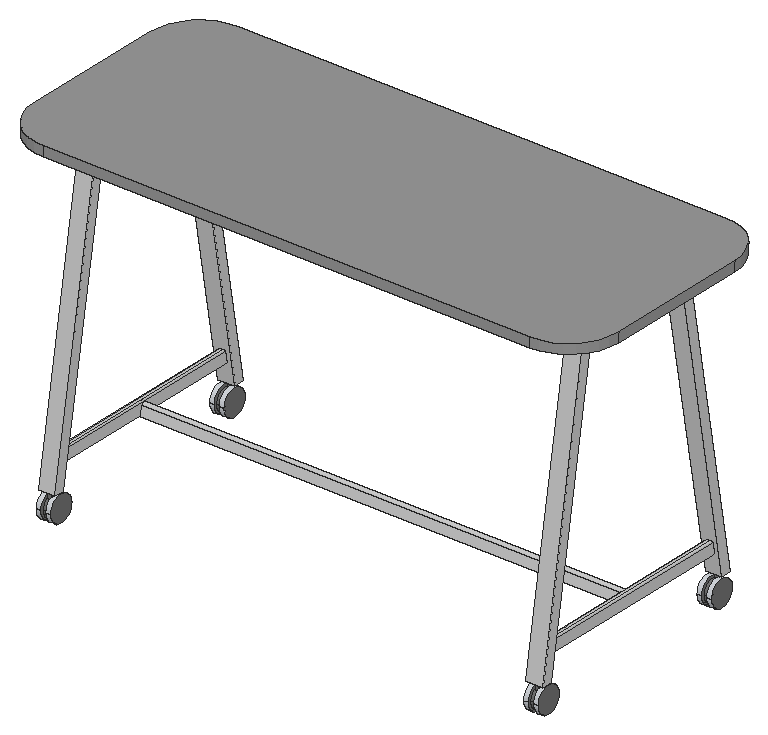
Revit family "Haworth_PopUp_Oval_Table_AP_PRELIMINARY", category Furniture, Revit 2018
Family settings
  OmniClass Number = 23.40.70.14.64.21
  OmniClass Title = Systems Furniture
  Work Plane-Based = No
  Always vertical = Yes
  Cut with Voids When Loaded = No
  Shared = No
  Room Calculation Point = No
Parameters (values of type "1800 x 750 x 1050")
  no Accent Plate [instance] = no
  Warranty = "http://www.haworth.com/resources/product-info/warranties"
  URL - Product = "https://www.haworth.com/ap/en/products/meeting-tables/popup.html"
  Type Comments = ""
  Table Finish [instance] = Haworth _ Laminate _ Undecided _ Tables
  Small = Depth < 500 mm  # no
  Plate Depth = Actual Depth - 350 mm  # 400 mm
  Model = "WOPUOTXXXX"  # constant formula
  Low = no
  Leg Finish [instance] = Haworth _ Paint _ Undecided _ Table
  Min/Max Height = "915, 1050 mm"  # constant formula
  Large = not(Small)  # yes
  High = not(Low)  # yes
  Glides = not(Casters)  # no
  Foot Rail Finish [instance] = Haworth _ Paint _ Undecided _ Table
  Description = "Haworth - PopUp - Oval Table - AP Wood"  # constant formula
  Width = 1800 mm
  URL = "https://www.haworth.com/ap/en.html"
  Table Thickness = 30 mm  # constant formula
  Support Offset = 150 mm  # constant formula
  Size = "Verify Final Dim. w/ Haworth"  # constant formula
  Revision Number = "1"  # constant formula
  Min/Max Width = "1200, 1400, 1500, 1600, 1800 mm"  # constant formula
  Min/Max Depth = "450, 600, 750 mm"  # constant formula
  Min. Width = 1200 mm  # constant formula
  Max. Width = 1800 mm  # constant formula
  Min. Depth = 450 mm  # constant formula
  Max. Depth = 750 mm  # constant formula
  Manufacturer = "Haworth"  # constant formula
  Leg Height = Actual Height - Table Thickness  # 1020 mm
  Depth = 750 mm
  Custom Size = not(and(or(Depth = 450 mm, Depth = 600 mm, Depth = 750 mm), or(Width = 1200 mm, Width = 1400 mm, Width = 1500 mm, Width = 1600 mm, Width = 1800 mm)))  # no
  Casters = yes
  Caster Finish = Haworth _ Paint _ Metallic Gunmetal
  Bag Hook [instance] = yes
  Author = "Haworth (Alias, Abd Rahman)"  # constant formula
  Assembly Code = "E2020200"
  Actual Width = if(Width < Min. Width, Min. Width, if(Width > Max. Width, Max. Width, Width))  # 1800 mm
  Actual Height = if(Low, 915 mm, 1050 mm)  # 1050 mm
  Actual Depth = if(Depth > Max. Depth, Max. Depth, if(Depth < Min. Depth, Min. Depth, Depth))  # 750 mm
  Accent Plate [instance] = not(or(Depth < 500 mm, no Accent Plate))  # yes
Types (6, lengths in mm): name | no Accent Plate | Small | Plate Depth | Low | Large | High | Width | Leg Height | Depth | Actual Width | Actual Height | Actual Depth | Accent Plate
  1800 x 750 x 1050 | no | no | 400 | no | yes | yes | 1800 | 1020 | 750 | 1800 | 1050 | 750 | yes
  1200 x 750 x 915 | no | no | 400 | yes | yes | no | 1200 | 885 | 750 | 1200 | 915 | 750 | yes
  1600 x 600 x 915 | no | no | 250 | yes | yes | no | 1600 | 885 | 600 | 1600 | 915 | 600 | yes
  1400 x 600 x 1050 | no | no | 250 | no | yes | yes | 1400 | 1020 | 600 | 1400 | 1050 | 600 | yes
  1500 x 450 x 915 | yes | yes | 100 | yes | no | no | 1500 | 885 | 450 | 1500 | 915 | 450 | no
  1800 x 450 x 1050 | yes | yes | 100 | no | no | yes | 1800 | 1020 | 450 | 1800 | 1050 | 450 | no
Reference planes
  plane 1 "Center F/B": y = 156
  plane 2: z = 0
  plane 3 "Center L/R": x = 140.4
  plane 4 "Table Left": x = -759.6
  plane 5 "Table Right": x = 1040.4
  plane 6 "Table Leg Left": x = -609.6
  plane 7 "Table Leg Right": x = 890.4
  plane 8 "Top": z = 1050
  plane 9 "Table Thick": z = 1020
  plane 10 "Bottom Stand 3": z = 150.812
  plane 11 "Top Stand 3": z = 188.912
  plane 12 "Back": y = 531
  plane 13 "Front": y = -219
  plane 14: y = -184.822
  plane 15: y = 496.822
  plane 16: x = 899.915
  plane 17: x = 880.865
  plane 18: x = -619.115
  plane 19: x = -600.065
  plane 20: y = 131
  plane 21: y = 181
  plane 22: z = 1018.571
  plane 23: x = -671.469
  plane 24: x = -670.453
  plane 25: z = 1005
Forms (mm)
  Extrusion 1, solid, material "Haworth _ Laminate _ Undecided _ Tables" <- "Table Finish"
    sketch origin (0, 0, 1050) x (-1, 0, 0) y (0, -1, 0)
      loop
        arc (607.2, -531) -> (714.963, -486.363) -> (759.6, -378.6) r 152.4
        line (759.6, -378.6) -> (759.6, 66.6)
        arc (759.6, 66.6) -> (714.963, 174.363) -> (607.2, 219) r 152.4
        line (607.2, 219) -> (-888, 219)
        arc (-888, 219) -> (-995.763, 174.363) -> (-1040.4, 66.6) r 152.4
        line (-1040.4, 66.6) -> (-1040.4, -378.6)
        arc (-1040.4, -378.6) -> (-995.763, -486.363) -> (-888, -531) r 152.4
        line (-888, -531) -> (607.2, -531)
    from 0 to -30
  Extrusion 2, solid, material "Haworth _ Paint _ Undecided _ Table" <- "Foot Rail Finish"
    sketch origin (140.4, 0, 0) x (0, 1, 0) y (0, 0, 1)
      loop
        line (138.855, 150.812) -> (173.145, 150.812) -> (165.749, 178.414)
        arc (165.749, 178.414) -> (156, 185.895) -> (146.251, 178.414) r 10.093
        line (146.251, 178.414) -> (138.855, 150.812)
    from -750 to 750
  Extrusion 3, solid, material "Haworth _ Paint _ Undecided _ Table" <- "Foot Rail Finish"
    sketch origin (0, -219, 0) x (1, 0, 0) y (0, 0, 1)
      loop
        line (880.865, 150.812) -> (899.915, 150.812) -> (899.915, 183.852)
        arc (899.915, 183.852) -> (898.433, 187.43) -> (894.855, 188.912) r 5.06
        line (894.855, 188.912) -> (885.945, 188.912)
        arc (885.945, 188.912) -> (882.353, 187.425) -> (880.865, 183.832) r 5.08
        line (880.865, 183.832) -> (880.865, 150.812)
    from -715.822 to -34.178
  Extrusion 4, solid, material "Haworth _ Paint _ Undecided _ Table" <- "Foot Rail Finish"
    sketch origin (280.8, -219, 0) x (-1, 0, 0) y (0, 0, -1)
      loop
        line (880.865, -150.812) -> (880.865, -183.832)
        arc (880.865, -183.832) -> (882.353, -187.425) -> (885.945, -188.912) r 5.08
        line (885.945, -188.912) -> (894.855, -188.912)
        arc (894.855, -188.912) -> (898.433, -187.43) -> (899.915, -183.852) r 5.06
        line (899.915, -183.852) -> (899.915, -150.812) -> (880.865, -150.812)
    from -715.822 to -34.178
  Extrusion 5, solid, material "Haworth _ Paint _ Undecided _ Table" <- "Leg Finish", visible <- "Bag Hook"
    sketch origin (0, -219, 0) x (1, 0, 0) y (0, 0, 1)
      loop
        line (-706.805, 938.212) -> (-708.163, 937.52) -> (-694.475, 910.657)
        arc (-694.475, 910.657) -> (-680.191, 904.072) -> (-670.453, 916.424) r 12.703
        line (-670.453, 916.424) -> (-670.453, 1020) -> (-711.469, 1020) -> (-711.469, 1018.571) -> (-671.469, 1018.571) -> (-671.469, 916.183)
        arc (-671.469, 916.183) -> (-680.178, 905.136) -> (-692.953, 911.026) r 11.361
        line (-692.953, 911.026) -> (-706.805, 938.212)
    from -400 to -350
Lines and regions (mm)
  Masking region 1
    outline origin (0, 0, 1050) x (-1, 0, 0) y (0, -1, 0)
      loop
        arc (607.2, -531) -> (714.963, -486.363) -> (759.6, -378.6) r 152.4
        line (759.6, -378.6) -> (759.6, 66.6)
        arc (759.6, 66.6) -> (714.963, 174.363) -> (607.2, 219) r 152.4
        line (607.2, 219) -> (-888, 219)
        arc (-888, 219) -> (-995.763, 174.363) -> (-1040.4, 66.6) r 152.4
        line (-1040.4, 66.6) -> (-1040.4, -378.6)
        arc (-1040.4, -378.6) -> (-995.763, -486.363) -> (-888, -531) r 152.4
        line (-888, -531) -> (607.2, -531)
Dimensions and locks
  "Support Offset": plane 4 "Table Left" to plane 6 "Table Leg Left"
  "Support Offset": plane 7 "Table Leg Right" to plane 5 "Table Right"
  "Actual Width": plane 4 "Table Left" to plane 5 "Table Right"
  equal spacing: plane 4 "Table Left", plane 3 "Center L/R", plane 5 "Table Right"
  "Actual Height": plane 8 "Top" to level
  "Table Thickness": plane 8 "Top" to plane 9 "Table Thick"
  equal spacing: plane 13 "Front", plane 1 "Center F/B", plane 12 "Back"
  "Actual Depth": plane 13 "Front" to plane 12 "Back"
  locked: plane 13 "Front" to plane 14 at 34.178
  locked: plane 15 to plane 12 "Back" at 34.178
  plane 17 to plane 7 "Table Leg Right" to plane 16 = 9.535 mm locked, 9.515 mm locked
  plane 19 to plane 6 "Table Leg Left" to plane 18 = 9.535 mm locked, 9.515 mm locked
  equal spacing: plane 21, plane 1 "Center F/B", plane 20, locked at 25 each
  plane 23 to plane 24 to plane 6 "Table Leg Left" = 1.016 mm locked, 60.853 mm locked
  locked: plane 9 "Table Thick" to plane 22 at 1.429
  locked: plane 9 "Table Thick" to plane 25 at 15
  aligned and locked: plane 9 "Table Thick" to Extrusion 1
  aligned and locked: Extrusion 1 to plane 8 "Top"
  aligned and locked: plane 7 "Table Leg Right" to Extrusion 2
  aligned and locked: Extrusion 2 to plane 6 "Table Leg Left"
  aligned and locked: plane 7 "Table Leg Right" to nested 1
  aligned and locked: plane 13 "Front" to nested 1
  aligned and locked: nested 2 to plane 7 "Table Leg Right"
  aligned and locked: nested 2 to plane 12 "Back"
  aligned and locked: Extrusion 3 to plane 15
  aligned and locked: plane 14 to Extrusion 3
  aligned and locked: plane 6 "Table Leg Left" to nested 3
  aligned and locked: nested 3 to plane 13 "Front"
  aligned and locked: nested 4 to plane 6 "Table Leg Left"
  aligned and locked: plane 12 "Back" to nested 4
  aligned and locked: Extrusion 3 sketch curve to plane 11 "Top Stand 3"
  aligned and locked: Extrusion 3 sketch curve to plane 10 "Bottom Stand 3"
  aligned and locked: Extrusion 3 sketch curve to plane 16
  aligned and locked: Extrusion 3 sketch curve to plane 17
  aligned and locked: Extrusion 4 sketch curve to plane 18
  aligned and locked: Extrusion 4 sketch curve to plane 19
  aligned and locked: plane 11 "Top Stand 3" to Extrusion 4 sketch curve
  aligned and locked: plane 10 "Bottom Stand 3" to Extrusion 4 sketch curve
  aligned and locked: plane 14 to Extrusion 4
  aligned and locked: Extrusion 4 to plane 15
  aligned and locked: Extrusion 5 sketch curve to plane 9 "Table Thick"
  aligned and locked: Extrusion 5 to plane 20
  aligned and locked: Extrusion 5 to plane 21
  aligned and locked: Extrusion 5 sketch curve to plane 24
  aligned and locked: Extrusion 5 sketch curve to plane 23
  aligned and locked: Extrusion 5 sketch curve to plane 22
  aligned and locked: Extrusion 1 sketch curve to plane 12 "Back"
  aligned and locked: Extrusion 1 sketch curve to plane 13 "Front"
  aligned and locked: Extrusion 1 sketch curve to plane 5 "Table Right"
  aligned and locked: plane 4 "Table Left" to Extrusion 1 sketch curve
  aligned and locked: Masking region 1 sketch curve to Extrusion 1  (x4)
  aligned and locked: plane 7 "Table Leg Right" to nested 5
  aligned and locked: nested 5 to plane 25
  aligned and locked: nested 5 to plane 1 "Center F/B"
  aligned and locked: plane 6 "Table Leg Left" to nested 6
  aligned and locked: nested 6 to plane 25
  aligned and locked: plane 1 "Center F/B" to nested 6
Automatic sketch dimensions
  Extrusion 2 sketch curve to plane 10 "Bottom Stand 3" = 0 mm
  Extrusion 2 sketch curve to plane 1 "Center F/B" = 0 mm
  plane 1 "Center F/B" to Extrusion 2 sketch curve = 9.749 mm
  plane 1 "Center F/B" to Extrusion 2 sketch curve = 17.145 mm
  Extrusion 2 sketch curve to plane 1 "Center F/B" = 9.749 mm
  Extrusion 2 sketch curve to plane 1 "Center F/B" = 17.145 mm
  Extrusion 2 sketch curve to plane 11 "Top Stand 3" = 13.111 mm
  Extrusion 2 sketch curve to Extrusion 2 sketch curve = 2.612 mm
  Extrusion 3 sketch curve to plane 7 "Table Leg Right" = 4.455 mm
  plane 7 "Table Leg Right" to Extrusion 3 sketch curve = 4.455 mm
  Extrusion 4 sketch curve to plane 6 "Table Leg Left" = 4.455 mm
  plane 6 "Table Leg Left" to Extrusion 4 sketch curve = 4.455 mm
  Extrusion 5 sketch curve to plane 4 "Table Left" = 51.437 mm
  Extrusion 5 sketch curve to Extrusion 5 sketch curve = 1.358 mm
  Extrusion 5 sketch curve to Extrusion 5 sketch curve = 13.688 mm
  Extrusion 5 sketch curve to Extrusion 5 sketch curve = 1.523 mm
  Extrusion 5 sketch curve to Extrusion 5 sketch curve = 9.796 mm
  Extrusion 5 sketch curve to Extrusion 5 sketch curve = 0.326 mm
  Extrusion 5 sketch curve to Extrusion 5 sketch curve = 40 mm
  Extrusion 5 sketch curve to Extrusion 5 sketch curve = 80.359 mm
  Extrusion 5 sketch curve to Extrusion 5 sketch curve = 0.692 mm
  Extrusion 5 sketch curve to Extrusion 5 sketch curve = 21.788 mm
  Extrusion 5 sketch curve to Extrusion 5 sketch curve = 0.241 mm
  plane 6 "Table Leg Left" to Extrusion 1 sketch curve = 2.4 mm  (x2)
  Extrusion 1 sketch curve to plane 7 "Table Leg Right" = 2.4 mm  (x2)
Nested families
  nested 1: "Haworth_PopUp-Leg_PART" at (890.4, -3.1, 0), Large Plate Control <- "Small", Small Plate Control <- "Large", type "Leg"
    with Small Plate Control yes, Large Plate Control no, Leg Height 1020 mm
  nested 2: "Haworth_PopUp-Leg_PART" at (890.4, 315.1, 0), Small Plate Control <- "Large", type "Leg"
    with Small Plate Control yes, Large Plate Control no, Leg Height 1020 mm
  nested 3: "Haworth_PopUp-Leg_PART" at (-609.6, -3.1, 0) x (-1, 0, 0) z (0, 0, 1), Large Plate Control <- "Small", Small Plate Control <- "Large", type "Leg"
    with Small Plate Control yes, Large Plate Control no, Leg Height 1020 mm
  nested 4: "Haworth_PopUp-Leg_PART" at (-609.6, 315.1, 0) x (-1, 0, 0) z (0, 0, 1), Small Plate Control <- "Large", type "Leg"
    with Small Plate Control yes, Large Plate Control no, Leg Height 1020 mm
  nested 5: "Haworth_PopUp-AccentPlate_PART" at (890.4, -8.039, 120), visible <- "Accent Plate", type "Accent Plate"
  nested 6: "Haworth_PopUp-AccentPlate_PART" at (-609.6, -8.039, 120) x (-1, 0, 0) z (0, 0, 1), visible <- "Accent Plate", type "Accent Plate"
Definition of nested family "Haworth_PopUp-Leg_PART"
  Parameters (values of type "Leg")
    Warranty = "http://www.haworth.com/resources/product-info/warranties"
    URL - Product = "https://www.haworth.com/products/tables/collaborative/popup"
    URL = "www.haworth.com"
    Table 41h = yes
    Table 36h = no
    Support Thickness = 7.938 mm  # constant formula
    Small Plate Control [instance] = yes
    Revision = "1"  # constant formula
    Model = "Haworth PopUp"  # constant formula
    Manufacturer = "Haworth"  # constant formula
    Leg Height = 1011.238 mm
    Leg Finish = none
    Large Plate Control [instance] = yes
    Glides = no
    Description = "Haworth - PopUp Table - Leg_Part"  # constant formula
    Depth = if(Table 41h, 205.978 mm, 183.753 mm)  # 205.978 mm
    Casters = yes
    Caster Finish = none
    Bottom Leg = if(Casters, 87.313 mm, 25.4 mm)  # 87.313 mm
    Author = "Haworth (Alias, Abd Rahman)"  # constant formula
    Assembly Code = ""
  Reference planes
    plane 1 "Back": y = -9.922
    plane 2: z = 0
    plane 3 "Center (Left/Right)": x = 0
    plane 4 "Top of Leg": z = 1011.237
    plane 5 "Right": x = 25.4
    plane 6 "Left": x = -25.4
    plane 7 "Front": y = -215.9
    plane 8 "Front Stand 1": through (0, -203.978, 76.2) normal (0, -0.9848, 0.1736)
    plane 9 "Back Stand 1": through (0, -174.274, 70.962) normal (0, -0.9848, 0.1736)
    plane 10 "Top of Stand": z = 1003.3
    plane 11 "Back Support": y = 33.413
    plane 12 "Right Support": x = 31.673
    plane 13 "Front Support": y = -68.187
    plane 14 "Left Support": x = -95.327
    plane 15 "Caster Height": z = 87.312
    plane 16 "Front Casters": y = -186.472
    plane 17: y = -199.37
    plane 18: y = 101.327
    plane 19: x = 69.85
    plane 20: x = -70.488
    plane 21: y = -101.873
  Forms (mm)
    Extrusion 1, solid, material <- "Leg Finish"
      sketch origin (-25.4, 0, 0) x (0, -1, 0) y (0, 0, 1)
        loop
          line (202.019, 87.312) -> (40.505, 1003.3) -> (9.877, 1003.3) -> (171.391, 87.312) -> (202.019, 87.312)
      from -50.8 to 0
    Extrusion 2, solid, material <- "Leg Finish", visible <- "Small Plate Control"
      sketch origin (0, 0, 1003.3) x (0, -1, 0) y (1, 0, 0)
        loop
          arc (-33.413, -88.977) -> (-31.553, -93.467) -> (-27.063, -95.327) r 6.35
          line (-27.063, -95.327) -> (61.837, -95.327)
          arc (61.837, -95.327) -> (66.327, -93.467) -> (68.187, -88.977) r 6.35
          line (68.187, -88.977) -> (68.187, 25.323)
          arc (68.187, 25.323) -> (66.327, 29.814) -> (61.837, 31.673) r 6.35
          line (61.837, 31.673) -> (-27.063, 31.673)
          arc (-27.063, 31.673) -> (-31.553, 29.814) -> (-33.413, 25.323) r 6.35
          line (-33.413, 25.323) -> (-33.413, -88.977)
      from 0 to 7.937
    Extrusion 3, solid, visible <- "Glides"
      sketch origin (0, 0, 1003.3) x (0, -1, 0) y (1, 0, 0)
        loop
          circle (199.37, 0) r 12.7
      from -1003.3 to -915.988
    Extrusion 4, solid, material <- "Leg Finish", visible <- "Large Plate Control"
      sketch origin (0, 0, 1003.3) x (0, -1, 0) y (1, 0, 0)
        loop
          arc (-101.327, -64.138) -> (-99.467, -68.628) -> (-94.977, -70.488) r 6.35
          line (-94.977, -70.488) -> (95.523, -70.488)
          arc (95.523, -70.488) -> (100.013, -68.628) -> (101.873, -64.138) r 6.35
          line (101.873, -64.138) -> (101.873, 63.5)
          arc (101.873, 63.5) -> (100.013, 67.99) -> (95.523, 69.85) r 6.35
          line (95.523, 69.85) -> (-94.977, 69.85)
          arc (-94.977, 69.85) -> (-99.467, 67.99) -> (-101.327, 63.5) r 6.35
          line (-101.327, 63.5) -> (-101.327, -64.138)
      from 0 to 7.937
  Lines and regions (mm)
    symbolic lines, detail levels medium+fine
      curve 1: line (-25.4, -215.9, 1003.3) -> (25.4, -215.9, 1003.3)
      curve 2: line (25.4, -215.9, 1003.3) -> (25.4, -9.922, 1003.3)
      curve 3: line (25.4, -9.922, 1003.3) -> (-25.4, -9.922, 1003.3)
      curve 4: line (-25.4, -9.922, 1003.3) -> (-25.4, -215.9, 1003.3)
    symbolic lines, visible <- "Small Plate Control", detail levels medium+fine
      curve 5: line (25.323, 33.413, 1003.3) -> (-88.977, 33.413, 1003.3)
      curve 6: arc (-88.977, 33.413, 1003.3) -> (-93.467, 31.553, 1003.3) -> (-95.327, 27.063, 1003.3) r 6.35
      curve 7: line (-95.327, 27.063, 1003.3) -> (-95.327, -61.837, 1003.3)
      curve 8: arc (-95.327, -61.837, 1003.3) -> (-93.467, -66.327, 1003.3) -> (-88.977, -68.187, 1003.3) r 6.35
      curve 9: line (-88.977, -68.187, 1003.3) -> (25.323, -68.187, 1003.3)
      curve 10: arc (25.323, -68.187, 1003.3) -> (29.814, -66.327, 1003.3) -> (31.673, -61.837, 1003.3) r 6.35
      curve 11: line (31.673, -61.837, 1003.3) -> (31.673, 27.063, 1003.3)
      curve 12: arc (31.673, 27.063, 1003.3) -> (29.814, 31.553, 1003.3) -> (25.323, 33.413, 1003.3) r 6.35
    symbolic lines, visible <- "Large Plate Control", detail levels medium+fine
      curve 13: line (69.85, -95.523, 1003.3) -> (69.85, 94.977, 1003.3)
      curve 14: arc (69.85, 94.977, 1003.3) -> (67.99, 99.467, 1003.3) -> (63.5, 101.327, 1003.3) r 6.35
      curve 15: line (63.5, 101.327, 1003.3) -> (-64.138, 101.327, 1003.3)
      curve 16: arc (-64.138, 101.327, 1003.3) -> (-68.628, 99.467, 1003.3) -> (-70.488, 94.977, 1003.3) r 6.35
      curve 17: line (-70.488, 94.977, 1003.3) -> (-70.488, -95.523, 1003.3)
      curve 18: arc (-70.488, -95.523, 1003.3) -> (-68.628, -100.013, 1003.3) -> (-64.138, -101.873, 1003.3) r 6.35
      curve 19: line (-64.138, -101.873, 1003.3) -> (63.5, -101.873, 1003.3)
      curve 20: arc (63.5, -101.873, 1003.3) -> (67.99, -100.013, 1003.3) -> (69.85, -95.523, 1003.3) r 6.35
  Dimensions and locks
    "Leg Height": plane 4 "Top of Leg" to level
    "Support Thickness": plane 4 "Top of Leg" to plane 10 "Top of Stand"
    "Bottom Leg": plane 15 "Caster Height" to plane 2
    "Depth": plane 7 "Front" to plane 1 "Back"
    aligned and locked: Extrusion 1 sketch curve to plane 9 "Back Stand 1"
    aligned and locked: plane 8 "Front Stand 1" to Extrusion 1 sketch curve
    aligned and locked: plane 10 "Top of Stand" to Extrusion 1 sketch curve
    aligned and locked: plane 5 "Right" to Extrusion 1
    aligned and locked: plane 6 "Left" to Extrusion 1
    aligned and locked: Extrusion 2 to plane 10 "Top of Stand"
    aligned and locked: plane 4 "Top of Leg" to Extrusion 2
    aligned and locked: Extrusion 2 sketch curve to plane 12 "Right Support"
    aligned and locked: Extrusion 2 sketch curve to plane 13 "Front Support"
    aligned and locked: Extrusion 2 sketch curve to plane 14 "Left Support"
    aligned and locked: Extrusion 2 sketch curve to plane 11 "Back Support"
    aligned and locked: Extrusion 1 sketch curve to plane 15 "Caster Height"
    aligned and locked: plane 3 "Center (Left/Right)" to Extrusion 3 sketch curve
    aligned and locked: Extrusion 3 to level
    aligned and locked: plane 15 "Caster Height" to Extrusion 3
    aligned and locked: nested 1 to plane 16 "Front Casters"
    aligned and locked: nested 1 to plane 3 "Center (Left/Right)"
    aligned and locked: plane 17 to Extrusion 3 sketch curve
    aligned and locked: plane 7 "Front" to curve 1
    aligned and locked: plane 5 "Right" to curve 2
    aligned and locked: plane 6 "Left" to curve 4
    aligned and locked: Extrusion 4 sketch curve to plane 19
    aligned and locked: Extrusion 4 sketch curve to plane 18
    aligned and locked: plane 20 to Extrusion 4 sketch curve
    aligned and locked: Extrusion 4 sketch curve to plane 21
    aligned and locked: Extrusion 4 to plane 10 "Top of Stand"
    aligned and locked: plane 4 "Top of Leg" to Extrusion 4
    aligned and locked: curve 7 to Extrusion 2
    aligned and locked: curve 8 to Extrusion 2
    aligned and locked: curve 10 to Extrusion 2
    aligned and locked: curve 12 to Extrusion 2
    aligned and locked: curve 13 to Extrusion 4
    aligned and locked: curve 15 to Extrusion 4
    aligned and locked: curve 17 to Extrusion 4
    aligned and locked: curve 19 to Extrusion 4
  Automatic sketch dimensions
    Extrusion 2 sketch curve to plane 11 "Back Support" = 6.35 mm  (x2)
    Extrusion 2 sketch curve to plane 13 "Front Support" = 6.35 mm  (x2)
    plane 1 "Back" to curve 3 = 0 mm
    Extrusion 4 sketch curve to Extrusion 4 sketch curve = 6.35 mm  (x2)
    Extrusion 4 sketch curve to plane 18 = 6.35 mm
    Extrusion 4 sketch curve to plane 21 = 6.35 mm
    curve 5 to curve 6 = 6.35 mm
    curve 15 to curve 16 = 6.35 mm
    curve 13 to plane 18 = 6.35 mm
    curve 18 to curve 18 = 6.35 mm
    curve 20 to curve 20 = 6.35 mm
    radius of Extrusion 3 sketch curve = 12.7 mm
  Nested families
    nested 1: "Haworth_3in Caster_Part" at (0, -186.472, 0) x (-1, 0, 0) z (0, 0, 1), visible <- "Casters", type "Haworth_3in Caster_Part"
  Definition of nested family "Haworth_3in Caster_Part"
    Parameters (values of type "Haworth_3in Caster_Part")
      Caster Finish = none
      Cart Leg Finish = none
      Assembly Code = ""
    Reference planes
      plane 1 "Center (Front/Back)": y = 0
      plane 2: z = 0
      plane 3 "Center (Left/Right)": x = 0
    Forms (mm)
      Extrusion 1, solid
        sketch origin (0, 0, -0.538) x (0, 1, 0) y (0, 0, 1)
          loop
            circle (-12.369, 40.225) r 39.688
        from 22.225 to 7.938
      Extrusion 2, solid
        sketch origin (0, 0, -0.538) x (0, 1, 0) y (0, 0, 1)
          loop
            circle (-12.369, 40.225) r 39.688
        from -22.225 to -7.938
      Extrusion 3, solid, material <- "Cart Leg Finish"
        sketch origin (0, 0, 0) x (0, 1, 0) y (0, 0, 1)
          loop
            circle (-12.369, 39.687) r 33.338
        from -7.938 to 7.938
      Extrusion 4, solid, material <- "Cart Leg Finish"
        sketch origin (0, 0, 0) x (1, 0, 0) y (0, 1, 0)
          loop
            circle (0, 0) r 6.35
        from 61.913 to 87.313
    Cuts and joins
      joined: Extrusion 3, Extrusion 4
    Dimensions and locks
      plane 3 "Center (Left/Right)" to Extrusion 2 = 7.938 mm
      Extrusion 1 to plane 3 "Center (Left/Right)" = 22.225 mm
Definition of nested family "Haworth_PopUp-AccentPlate_PART"
  Parameters (values of type "Accent Plate")
    Warranty = "http://www.haworth.com/resources/product-info/warranties"
    URL - Product = "https://www.haworth.com/products/tables/collaborative/popup"
    URL = "www.haworth.com"
    Revision = "1"  # constant formula
    Model = "Haworth PopUp"  # constant formula
    Manufacturer = "Haworth"  # constant formula
    Leg Height = 885 mm
    Leg Finish = none
    Description = "Haworth - PopUp Table - Accent Plate - Part"  # constant formula
    Bottom Leg = 87.313 mm
    Author = "Haworth (Abd Rahman)"  # constant formula
    Assembly Code = ""
    Accent Plate Width = 400 mm
  Reference planes
    plane 1: y = -35.961
    plane 2: z = 0
    plane 3 "Center (Left/Right)": x = 0
    plane 4 "Top of Leg": z = 885
    plane 5 "Front Stand 1": through (0, -203.978, 76.2) normal (0, -0.9848, 0.1736)
    plane 6 "Back Stand 1": through (0, -174.274, 70.962) normal (0, -0.9848, 0.1736)
    plane 7 "Left Support": x = -15
    plane 8 "Caster Height": z = 87.312
    plane 9: x = 15
    plane 10: y = 364.039
    plane 11: y = 164.039
    plane 12: z = 825
  Forms (mm)
    Extrusion 1, solid, material <- "Leg Finish"
      sketch origin (-77.377, -13.08, 11.894) x (1, 0, 0) y (0, 0, 1)
        loop
          line (62.377, 813.106) -> (92.377, 813.106) -> (92.377, 868.046)
          arc (92.377, 868.046) -> (90.895, 871.624) -> (87.317, 873.106) r 5.06
          line (87.317, 873.106) -> (67.457, 873.106)
          arc (67.457, 873.106) -> (63.865, 871.618) -> (62.377, 868.026) r 5.08
          line (62.377, 868.026) -> (62.377, 813.106)
      from 22.881 to -377.119
  Lines and regions (mm)
    Masking region 1
      outline origin (0, 0, 877.063) x (0, -1, 0) y (1, 0, 0)
        loop
          line (-364.039, -15) -> (35.961, -15) -> (35.961, 15) -> (-364.039, 15) -> (-364.039, -15)
  Dimensions and locks
    "Leg Height": plane 4 "Top of Leg" to level
    "Bottom Leg": plane 8 "Caster Height" to plane 2
    equal spacing: plane 1, plane 11, plane 10
    "Accent Plate Width": plane 1 to plane 10
    locked: plane 4 "Top of Leg" to plane 12 at 60
    equal spacing: plane 7 "Left Support", plane 3 "Center (Left/Right)", plane 9
    aligned and locked: Extrusion 1 to plane 10
    aligned and locked: plane 1 to Extrusion 1
    aligned and locked: plane 4 "Top of Leg" to Extrusion 1
    aligned and locked: plane 12 to Extrusion 1
    aligned and locked: Masking region 1 sketch curve to plane 1
    aligned and locked: Masking region 1 sketch curve to plane 9
    aligned and locked: Masking region 1 sketch curve to plane 7 "Left Support"
    aligned and locked: plane 10 to Masking region 1 sketch curve
    aligned and locked: plane 9 to Extrusion 1
    aligned and locked: Extrusion 1 to plane 7 "Left Support"
  Automatic sketch dimensions
    Extrusion 1 sketch curve to plane 7 "Left Support" = 0 mm
    Extrusion 1 sketch curve to Extrusion 1 sketch curve = 5.08 mm
    Extrusion 1 sketch curve to plane 7 "Left Support" = 24.94 mm
    Extrusion 1 sketch curve to plane 7 "Left Support" = 30 mm
    Extrusion 1 sketch curve to plane 4 "Top of Leg" = 60 mm
    Extrusion 1 sketch curve to plane 4 "Top of Leg" = 5.08 mm
